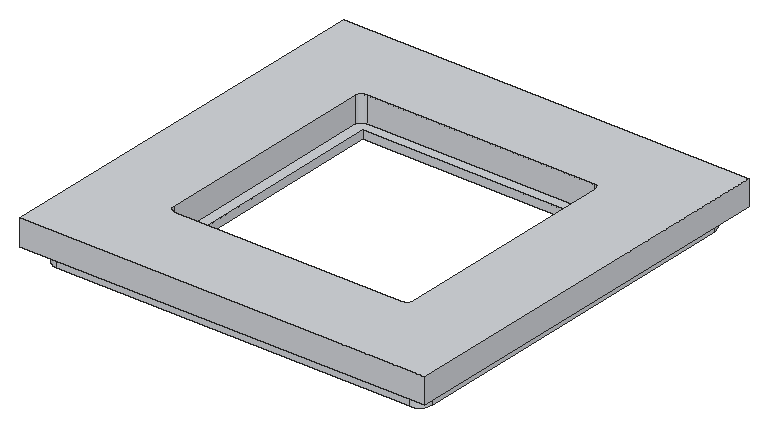
Revit family "Gira_0211223", category Electrical Fixtures, host Face, Revit 2017
Family settings
  Host = Face
  Maintain Annotation Orientation = No
  Round Connector Dimension = Use Diameter
  Part Type = Normal
  Cut with Voids When Loaded = No
  Shared = No
  Room Calculation Point = No
Parameters (values of type "Cov.fr. 1-g Gira Esprit Lin.pwd.dark brown")
  With mounting grid = "No"
  With hinged lid = "No"
  URL = "http://katalog.gira.de/en/datenblatt.html?artikelnr=0211223"
  Type of fastening = "Clamp mounting"
  Transparent = "No"
  Surface protection = "Other"
  Suitable for wall duct = "No"
  Suitable for flush-mounted installation = "Yes"
  Suitable for floor box = "No"
  Suitable for built-in installation = "No"
  Number of units vertical = "1"
  Number of units horizontal = "1"
  Number of units = "1"
  Name = "Cov.fr. 1-g Gira Esprit Lin.pwd.dark brown"
  Mounting direction = "Horizontal and vertical"
  Material quality = "Other"
  Material = "Other"
  Manufacturer URL = "https://www.gira.de/"
  Manufacturer = "Gira"
  Label space/information surface = "No"
  Keynote = ""
  HeinzeBIM = "https://bimportal.heinze.de/bim/cov-fr-1-g-gira-esprit-lin-pwd-dark-brown/6e3c5174b9d216a2fca2580175dc1bd2c256d30f"
  Halogen free = "No"
  HAN = "0211223"
  GTIN = "4010337015932"
  Description = "Cov.fr.1g Espr. LPwDb,Gira Esprit cover frame,Linoleum-plywood dark brown,1-gang,Notes :,- Natural product. Colour deviations are possible.,- NCS value: approx. NCS S 8005-Y80R"
  Degree of protection (IP) = "IP20"
  Default Elevation = 1219.2 mm
  Data sheet (1) = "https://katalog.gira.de/en/download.html?artikelnr=0211223"
  Colour = "Other"
  Category = "Cover frame for domestic switching devices"
  BIM (1) = "https://media.stage.bim.site/public/gira/36a6b08/Espr._Rahmen_1fach.rfa"
  Available = "No"
Reference planes
  plane 1 "Center (Front/Back)": y = 0
  plane 2: z = 0
  plane 3 "Center (Left/Right)": x = 0
Forms (mm)
  Extrusion 1, solid, detail levels fine
    sketch origin (0, 0, 0) x (1, 0, 0) y (0, 1, 0)
      loop
        line (-47.5, 47.5) -> (-47.5, -47.5) -> (47.5, -47.5) -> (47.5, 47.5) -> (-47.5, 47.5)
      loop
        arc (-28.2, -26.7) -> (-27.761, -27.761) -> (-26.7, -28.2) r 1.5
        line (-26.7, -28.2) -> (26.7, -28.2)
        arc (26.7, -28.2) -> (27.761, -27.761) -> (28.2, -26.7) r 1.5
        line (28.2, -26.7) -> (28.2, 26.7)
        arc (28.2, 26.7) -> (27.761, 27.761) -> (26.7, 28.2) r 1.5
        line (26.7, 28.2) -> (-26.7, 28.2)
        arc (-26.7, 28.2) -> (-27.761, 27.761) -> (-28.2, 26.7) r 1.5
        line (-28.2, 26.7) -> (-28.2, -26.7)
    from 0 to 6
  Extrusion 2, solid, detail levels fine
    sketch origin (0, 0, 0) x (1, 0, 0) y (0, 1, 0)
      loop
        line (-25.7, -25.7) -> (25.7, -25.7) -> (25.7, 25.7) -> (-25.7, 25.7) -> (-25.7, -25.7)
      loop
        arc (-43.1, -41.3) -> (-42.573, -42.573) -> (-41.3, -43.1) r 1.8
        line (-41.3, -43.1) -> (41.3, -43.1)
        arc (41.3, -43.1) -> (42.573, -42.573) -> (43.1, -41.3) r 1.8
        line (43.1, -41.3) -> (43.1, 41.3)
        arc (43.1, 41.3) -> (42.573, 42.573) -> (41.3, 43.1) r 1.8
        line (41.3, 43.1) -> (-41.3, 43.1)
        arc (-41.3, 43.1) -> (-42.573, 42.573) -> (-43.1, 41.3) r 1.8
        line (-43.1, 41.3) -> (-43.1, -41.3)
    from -1.9 to 0
  Extrusion 3, solid, detail levels fine
    sketch origin (0, 0, 0) x (1, 0, 0) y (0, 1, 0)
      loop
        arc (-41.4, 44.4) -> (-43.521, 43.521) -> (-44.4, 41.4) r 3
        line (-44.4, 41.4) -> (-44.4, -41.4)
        arc (-44.4, -41.4) -> (-43.521, -43.521) -> (-41.4, -44.4) r 3
        line (-41.4, -44.4) -> (41.4, -44.4)
        arc (41.4, -44.4) -> (43.521, -43.521) -> (44.4, -41.4) r 3
        line (44.4, -41.4) -> (44.4, 41.4)
        arc (44.4, 41.4) -> (43.521, 43.521) -> (41.4, 44.4) r 3
        line (41.4, 44.4) -> (-41.4, 44.4)
      loop
        line (-43.1, 41.3) -> (-43.1, -41.3)
        arc (-43.1, -41.3) -> (-42.573, -42.573) -> (-41.3, -43.1) r 1.8
        line (-41.3, -43.1) -> (41.3, -43.1)
        arc (41.3, -43.1) -> (42.573, -42.573) -> (43.1, -41.3) r 1.8
        line (43.1, -41.3) -> (43.1, 41.3)
        arc (43.1, 41.3) -> (42.573, 42.573) -> (41.3, 43.1) r 1.8
        line (41.3, 43.1) -> (-41.3, 43.1)
        arc (-41.3, 43.1) -> (-42.573, 42.573) -> (-43.1, 41.3) r 1.8
    from -3.7 to 0
  Extrusion 4, solid, detail levels medium
    sketch origin (0, 0, 0) x (1, 0, 0) y (0, 1, 0)
      loop
        line (-47.5, 47.5) -> (-47.5, -47.5) -> (47.5, -47.5) -> (47.5, 47.5) -> (-47.5, 47.5)
    from 0 to 6
  Extrusion 5, solid, detail levels medium
    sketch origin (0, 0, 0) x (1, 0, 0) y (0, 1, 0)
      loop
        line (-44.4, 44.4) -> (-44.4, -44.4) -> (44.4, -44.4) -> (44.4, 44.4) -> (-44.4, 44.4)
    from -3.7 to 0
  Extrusion 6, solid, detail levels coarse
    sketch origin (0, 0, 0) x (1, 0, 0) y (0, 1, 0)
      loop
        line (-47.5, 47.5) -> (-47.5, -47.5) -> (47.5, -47.5) -> (47.5, 47.5) -> (-47.5, 47.5)
    from -3.7 to 6
Dimensions and locks
  aligned and locked: plane 2 to host face
  aligned and locked: level to host face
